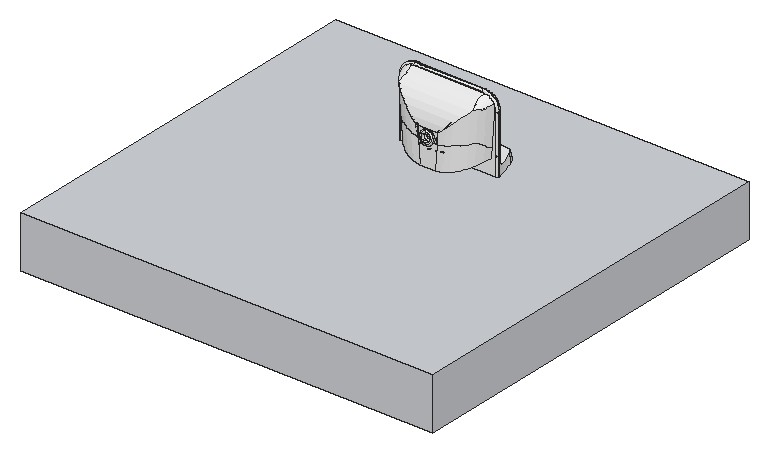
Revit family
Parameters
  Width = 585 mm  # constant formula
  Waste Connection Radius = Waste Connection Diameter / 2  # 20 mm
  Waste Connection = 1 = 1  # yes
  Vent Connection = 1 = 0  # no
  URL = "www.vaalsan.co.za"
  Product Code = "703611"
  Omniclass Title = "Sinks/Lavatories"
  Omniclass Number = "23.45.05.14.14"
  Model = "Hygia Hospital Basin"
  Manufacturer = "Vaal Sanitaryware"  # constant formula
  Height Fixing To Finish Floor = 800 mm
  Depth = 435 mm  # constant formula
  Height = 380 mm  # constant formula
  HW Connection = 1 = 1  # yes
  Family created by = "www.rbuiltcomponents.com"
  Default Elevation = 0 mm
  Waste Connection Diameter = 40 mm  # constant formula
  CW Connection = 1 = 1  # yes
  Body Finish = Vitreous China-Vaal-White
  Assembly Code = "D2010310"
Reference planes
  plane 1 "Bottom": y = 360
  plane 2 "Wall": z = 0
  plane 3 "Center (Left/Right)": x = 0
  plane 4: z = 0
  plane 5 "Fixing": y = 680
  plane 6 "45 2": through (-1219.2, -1219.2, 0) normal (-0.5, -0.5, 0.7071)
  plane 7: x = -292.5
  plane 8: x = 292.5
  plane 9 "Front": z = 435
  plane 10 "FF": y = -120
  plane 11 "Rim": y = 550
  plane 12 "Top": y = 740
Forms (mm)
  Extrusion 1, solid
    sketch origin (0, 0, 0) x (1, 0, 0) y (0, 1, 0)
      loop
        line (-1219.2, 1219.2) -> (-1219.2, -1111.146) -> (1219.2, -1111.146) -> (1219.2, 1219.2) -> (-1219.2, 1219.2)
    from 0 to -304.8
Lines and regions (mm)
  symbolic lines, style "Basin"
    curve 1: line (-292.5, -120, 0) -> (292.5, -120, 0)
Dimensions and locks
  equal spacing: plane 7, plane 3 "Center (Left/Right)", plane 8
  locked: plane 7 to plane 8 at 585
  locked: plane 9 "Front" to plane 4 at 435
  "Height Fixing To Finish Floor": plane 10 "FF" to plane 5 "Fixing"
  locked: plane 11 "Rim" to plane 12 "Top" at 190
  locked: plane 5 "Fixing" to plane 12 "Top" at 60
  locked: plane 1 "Bottom" to plane 11 "Rim" at 190
  aligned and locked: plane 2 "Wall" to Extrusion 1
  aligned and locked: level to Extrusion 1
  aligned and locked: plane 3 "Center (Left/Right)" to nested 1
  aligned and locked: plane 4 to nested 1
  aligned and locked: plane 7 to curve 1
  aligned and locked: plane 8 to curve 1
  aligned and locked: plane 10 "FF" to curve 1
  aligned and locked: plane 12 "Top" to nested 1
Automatic sketch dimensions
  Extrusion 1 sketch curve to Extrusion 1 sketch curve = 2438.4 mm
  Extrusion 1 sketch curve to Extrusion 1 sketch curve = 2330.346 mm
Nested families
  nested 1: "Vaal-Hygia" at (0, -138, 37) x (-1, 0, 0) z (0, 1, 0), type "Vaal-Hygia"
Connectors
  piping at (0, 360, 180), driven by "Waste Connection Radius"
    settings: on nested 1, index 1
Definition of nested family "Vaal-Hygia"
  Parameters
    Width = 585 mm  # constant formula
    Waste Connection Radius = Waste Connection Diameter / 2  # 20 mm
    Waste Connection = 1 = 1  # yes
    Vent Connection = 1 = 0  # no
    URL = "www.vaalsan.co.za"
    Product Code = "703611"
    Omniclass Title = "Sinks/Lavatories"
    Omniclass Number = "23.45.05.14.14"
    Model = "Hygia Hospital Basin"
    Manufacturer = "Vaal Sanitaryware"  # constant formula
    Depth = 435 mm  # constant formula
    Height = 380 mm  # constant formula
    HW Connection = 1 = 1  # yes
    Family created by = "www.rbuiltcomponents.com"
    Waste Connection Diameter = 40 mm  # constant formula
    Default Elevation = 0 mm
    CW Connection = 1 = 1  # yes
    Body Finish = Vitreous China-Vaal-White
    Assembly Code = "D2010310"
  Reference planes
    plane 1 "Bottom": z = 0
    plane 2 "Center (Left/Right)": x = 0
    plane 3 "Back": y = 37
    plane 4 "Top Basin": z = 688
    plane 5 "Front": y = -398
    plane 6: x = -292.5
    plane 7: x = 292.5
    plane 8 "Top": z = 878
    plane 9: z = 498
    plane 10: y = -143
  Forms (mm)
    Revolve 1, void
      sketch origin (0, 72, 489.546) x (0, 1, 0) y (0, 0, 1)
        loop
          line (-215, -6.546) -> (-215, 47.158) -> (-249.204, 47.158) -> (-239.635, 40.458) -> (-239.635, -6.546) -> (-215, -6.546)
        axis (-215, 47.158) -> (-215, -6.546)
      angle from 0 to 360
    Revolve 2, solid, material "Chrome"
      sketch origin (0, 20, 506.801) x (0, 1, 0) y (0, 0, 1)
        loop
          line (-163, 25.055) -> (-163, 27.011) -> (-183, 27.011)
          arc (-183, 27.011) -> (-183.693, 26.538) -> (-183.504, 25.721) r 0.744
          line (-183.504, 25.721) -> (-193.254, 28.889)
          arc (-193.254, 28.889) -> (-193.909, 28.555) -> (-193.575, 27.9) r 0.52
          line (-193.575, 27.9) -> (-184.82, 25.055) -> (-163, 25.055)
        axis (-163, 25.055) -> (-163, 28.889)
      angle from 0 to 360
    Sweep 3, solid, material "Vitreous China-Vaal-White" <- "Body Finish"
      path origin (0, 0, 688) x (0, -1, 0) y (1, 0, 0)
        loop
          line (357.889, -292.5) -> (357.889, 292.5)
      profile origin (0, -357.889, 688) x (0, 1, 0) y (0, 0, 1)
        loop
          line (0, 0) -> (-100, 0) -> (-100, -22.5) -> (-25, -22.5)
          arc (-25, -22.5) -> (48.149, -132.402) -> (173.107, -175) r 205.204
          line (173.107, -175) -> (173.107, -155)
          arc (173.107, -155) -> (57.076, -110.422) -> (0, 0) r 174.818
    Extrusion 4, void
      sketch origin (0, 0, 650) x (0, -1, 0) y (1, 0, 0)
        loop
          line (-37, -392.5) -> (-37, 392.5) -> (-106.317, 392.5) -> (-106.317, -392.5) -> (-37, -392.5)
      from -159.648 to 55.853
    Revolve 5, solid, material "Vitreous China-Vaal-White" <- "Body Finish"
      sketch origin (0, 0, 0) x (0, 1, 0) y (0, 0, 1)
        loop
          line (-167.635, 513) -> (-182.635, 513) -> (-182.635, 503)
          arc (-182.635, 503) -> (-181.171, 499.464) -> (-177.635, 498) r 5
          line (-177.635, 498) -> (-167.635, 498) -> (-167.635, 513)
        axis (-143, 513) -> (-143, 498)
      angle from 0 to 360
    Sweep 6, solid, material "Vitreous China-Vaal-White" <- "Body Finish"
      path origin (0, 0, 688) x (0, -1, 0) y (1, 0, 0)
        loop
          line (-60.879, -217.877) -> (398, -249.965)
      profile origin (-233.921, -168.56, 688) x (0.997564, -0.069756, 0) y (0, 0, 1)
        loop
          line (0, 0) -> (-100, 0) -> (-100, -22.5) -> (-25, -22.5)
          arc (-25, -22.5) -> (48.149, -132.402) -> (173.107, -175) r 205.204
          line (173.107, -175) -> (173.107, -155)
          arc (173.107, -155) -> (57.076, -110.422) -> (0, 0) r 174.818
    Sweep 7, void
      path origin (0, 0, 688) x (0, -1, 0) y (1, 0, 0)
        loop
          line (-137.111, -247.16) -> (457.889, -247.16)
      profile origin (-247.16, -160.389, 688) x (1, 0, 0) y (0, 0, 1)
        loop
          line (-11.25, -22.5) -> (-121.893, -22.5) -> (-121.893, -205) -> (616.214, -205) -> (616.214, -22.5) -> (505.57, -22.5)
          arc (505.57, -22.5) -> (399.458, -139.113) -> (247.16, -179.905) r 280
          arc (247.16, -179.905) -> (94.863, -139.113) -> (-11.25, -22.5) r 280
    Sweep 8, void
      path origin (0, 0, 688) x (0, -1, 0) y (1, 0, 0)
        loop
          line (357.889, -292.5) -> (357.889, 292.5)
      profile origin (0, -357.889, 688) x (0, 1, 0) y (0, 0, 1)
        loop
          line (-25, -22.5) -> (-100, -22.5) -> (-100, -205) -> (173.107, -205) -> (173.107, -175)
          arc (173.107, -175) -> (48.887, -131.442) -> (-25, -22.5) r 210
    Sweep 9, solid, material "Vitreous China-Vaal-White" <- "Body Finish"
      path origin (0, 0, 688) x (0, -1, 0) y (-1, 0, 0)
        loop
          line (-50.904, -218.575) -> (398, -249.965)
      profile origin (234.27, -173.548, 688) x (0.997564, 0.069756, 0) y (0, 0, 1)
        loop
          arc (0, 0) -> (-57.076, -110.422) -> (-173.107, -155) r 174.818
          line (-173.107, -155) -> (-173.107, -175)
          arc (-173.107, -175) -> (-48.149, -132.402) -> (25, -22.5) r 205.204
          line (25, -22.5) -> (100, -22.5) -> (100, 0) -> (0, 0)
    Blend 10, solid, material "Vitreous China-Vaal-White" <- "Body Finish"
      base sketch origin (0, 0, 2.5) x (1, 0, 0) y (0, 0, 1)
        loop
          arc (-41.526, 533) -> (-92.364, 537.826) -> (-141.386, 552.132) r 270.183
          arc (-141.386, 552.132) -> (-95.525, 521.686) -> (-41.526, 511) r 141.787
          line (-41.526, 511) -> (41.526, 511)
          arc (41.526, 511) -> (95.525, 521.686) -> (141.386, 552.132) r 141.787
          arc (141.386, 552.132) -> (92.364, 537.826) -> (41.526, 533) r 270.183
          line (41.526, 533) -> (-41.526, 533)
      top sketch origin (0, 0, 2.5) x (1, 0, 0) y (0, 0, 1)
        loop
          arc (-61.526, 533) -> (-112.364, 537.826) -> (-161.386, 552.132) r 270.183
          arc (-161.386, 552.132) -> (-115.525, 521.686) -> (-61.526, 511) r 141.787
          line (-61.526, 511) -> (61.526, 511)
          arc (61.526, 511) -> (115.525, 521.686) -> (161.386, 552.132) r 141.787
          arc (161.386, 552.132) -> (112.364, 537.826) -> (61.526, 533) r 270.183
          line (61.526, 533) -> (-61.526, 533)
      from -37 to 255
    Sweep 11, void
      path origin (0, 0, 688) x (0, -1, 0) y (1, 0, 0)
        loop
          line (357.889, -200) -> (357.889, 200)
      profile origin (0, -357.889, 688) x (0, 1, 0) y (0, 0, 1)
        loop
          line (87.465, -152.5) -> (68.107, -152.5) -> (68.107, -190) -> (173.107, -190) -> (173.107, -172.5)
          arc (173.107, -172.5) -> (129.227, -167.033) -> (87.465, -152.5) r 210
    Sweep 12, void
      path origin (0, 0, 688) x (0, -1, 0) y (1, 0, 0)
        loop
          line (-84.974, -292.5) -> (305.026, -292.5)
          arc (305.026, -292.5) -> (368.665, -266.14) -> (395.026, -202.5) r 90
          line (395.026, -202.5) -> (395.026, 202.5)
          arc (395.026, 202.5) -> (368.665, 266.14) -> (305.026, 292.5) r 90
          line (305.026, 292.5) -> (-84.974, 292.5)
      profile origin (0, -395.026, 688) x (0, 1, 0) y (0, 0, 1)
        loop
          line (10, 0) -> (-100, 0) -> (-100, -190) -> (85, -190) -> (85, -141.176)
          arc (85, -141.176) -> (41.265, -85.778) -> (10, -22.5) r 337.731
          arc (10, -22.5) -> (2.929, -19.571) -> (0, -12.5) r 10
          line (0, -12.5) -> (0, -10)
          arc (0, -10) -> (2.929, -2.929) -> (10, 0) r 10
    Extrusion 13, solid, material "Vitreous China-Vaal-White" <- "Body Finish"
      sketch origin (0, 0, 688) x (0, -1, 0) y (1, 0, 0)
        loop
          line (357.889, 247.16) -> (293.703, 242.672)
          arc (293.703, 242.672) -> (338.808, 226.699) -> (357.889, 182.818) r 60
          line (357.889, 182.818) -> (357.889, 247.16)
        loop
          line (357.889, -247.16) -> (357.889, -182.818)
          arc (357.889, -182.818) -> (338.808, -226.699) -> (293.703, -242.672) r 60
          line (293.703, -242.672) -> (357.889, -247.16)
      from -65.333 to 0
    Sweep 14, solid, material "Vitreous China-Vaal-White" <- "Body Finish"
      path origin (0, 0, 688) x (0, -1, 0) y (1, 0, 0)
        loop
          arc (143, -232.134) -> (65.3, 0) -> (143, 232.134) r 385.607
      profile origin (0, -65.3, 688) x (0, 1, 0) y (0, 0, 1)
        loop
          arc (0, 0) -> (-13.936, -91.319) -> (-53.065, -175) r 324.16
          line (-53.065, -175) -> (87.3, -175) -> (87.3, 0) -> (0, 0)
    Sweep 15, solid, material "Vitreous China-Vaal-White" <- "Body Finish"
      path origin (0, 0, 688) x (0, -1, 0) y (1, 0, 0)
        loop
          line (-37, -292.5) -> (-37, 292.5)
      profile origin (0, 37, 688) x (0, 1, 0) y (0, 0, 1)
        loop
          line (0, 190) -> (-40, 190) -> (-40, 30)
          arc (-40, 30) -> (-48.787, 8.787) -> (-70, 0) r 30
          line (-70, 0) -> (-75, 0) -> (-75, -22.5) -> (0, -22.5) -> (0, 190)
    Blend 16, void
      base sketch origin (0, 37, 0) x (1, 0, 0) y (0, 0, 1)
        loop
          line (-342.5, 678) -> (-292.5, 678) -> (-251.524, 813.992)
          arc (-251.524, 813.992) -> (-225.205, 853.137) -> (-181.405, 870.649) r 80
          arc (-181.405, 870.649) -> (0, 878.008) -> (181.405, 870.649) r 2239.713
          arc (181.405, 870.649) -> (225.205, 853.137) -> (251.524, 813.992) r 80
          line (251.524, 813.992) -> (292.5, 678) -> (342.5, 678) -> (342.5, 918) -> (-342.5, 918) -> (-342.5, 678)
      top sketch origin (0, 37, 0) x (1, 0, 0) y (0, 0, 1)
        loop
          line (-342.5, 678) -> (-292.5, 678) -> (-229.65, 815.799)
          arc (-229.65, 815.799) -> (-209.532, 840.011) -> (-179.924, 850.704) r 60
          arc (-179.924, 850.704) -> (0, 858.008) -> (179.924, 850.704) r 2219.713
          arc (179.924, 850.704) -> (209.532, 840.011) -> (229.65, 815.799) r 60
          line (229.65, 815.799) -> (292.5, 678) -> (342.5, 678) -> (342.5, 918) -> (-342.5, 918) -> (-342.5, 678)
      from 0 to 75
    Extrusion 17, void
      sketch origin (0, 37, 0) x (1, 0, 0) y (0, 0, 1)
        loop
          spline (223.29, 594.492) -> (213.046, 582.212) -> (201.894, 570.759) -> (189.903, 560.195) -> (177.146, 550.58) -> (163.695, 541.973) -> (149.632, 534.418) -> (135.044, 527.955) -> (120.015, 522.62) -> (104.631, 518.439) -> (88.982, 515.433) -> (73.151, 513.617) -> (57.228, 513)
          line (57.228, 513) -> (-57.228, 513)
          spline (-57.228, 513) -> (-73.151, 513.617) -> (-88.982, 515.433) -> (-104.631, 518.439) -> (-120.015, 522.62) -> (-135.044, 527.955) -> (-149.632, 534.418) -> (-163.695, 541.973) -> (-177.146, 550.58) -> (-189.903, 560.195) -> (-201.894, 570.759) -> (-213.046, 582.212) -> (-223.29, 594.492)
          spline (-223.29, 594.492) -> (-226.673, 599.374) -> (-229.937, 604.473) -> (-233.079, 609.78) -> (-236.092, 615.289) -> (-238.974, 620.989) -> (-241.718, 626.873) -> (-244.322, 632.931) -> (-246.781, 639.154) -> (-249.09, 645.532) -> (-251.248, 652.056) -> (-253.249, 658.715) -> (-255.092, 665.5)
          line (-255.092, 665.5) -> (-282.5, 665.5)
          arc (-282.5, 665.5) -> (-289.571, 668.429) -> (-292.5, 675.5) r 10
          line (-292.5, 675.5) -> (-292.5, 678)
          arc (-292.5, 678) -> (-292.075, 680.885) -> (-290.835, 683.525) r 10
          line (-290.835, 683.525) -> (-350.835, 683.525) -> (-350.835, 498) -> (350.835, 498) -> (350.835, 683.525) -> (290.835, 683.525)
          arc (290.835, 683.525) -> (292.075, 680.885) -> (292.5, 678) r 10
          line (292.5, 678) -> (292.5, 675.5)
          arc (292.5, 675.5) -> (289.571, 668.429) -> (282.5, 665.5) r 10
          line (282.5, 665.5) -> (255.092, 665.5)
          spline (255.092, 665.5) -> (253.249, 658.715) -> (251.248, 652.056) -> (249.09, 645.532) -> (246.781, 639.154) -> (244.322, 632.931) -> (241.718, 626.873) -> (238.974, 620.989) -> (236.092, 615.289) -> (233.079, 609.78) -> (229.937, 604.473) -> (226.673, 599.374) -> (223.29, 594.492)
      from 139.334 to -50.271
    Sweep 18, void
      path origin (0, 0, 688) x (0, -1, 0) y (1, 0, 0)
        loop
          line (208.91, -236.743) -> (-60.432, -217.908)
      profile origin (-227.326, -74.239, 688) x (-0.997564, 0.069756, 0) y (0, 0, 1)
        loop
          arc (25, -22.5) -> (-48.149, -132.402) -> (-173.107, -175) r 205.204
          line (-173.107, -175) -> (-173.107, -227.389) -> (100, -227.389) -> (100, -22.5) -> (25, -22.5)
    Sweep 19, void
      path origin (0, 0, 688) x (0, -1, 0) y (-1, 0, 0)
        loop
          line (208.91, -236.743) -> (-60.432, -217.908)
      profile origin (227.326, -74.239, 688) x (-0.997564, -0.069756, 0) y (0, 0, 1)
        loop
          line (-25, -22.5) -> (-100, -22.5) -> (-100, -227.389) -> (173.107, -227.389) -> (173.107, -175)
          arc (173.107, -175) -> (48.149, -132.402) -> (-25, -22.5) r 205.204
    Sweep 20, void
      path origin (4.375, -131.221, 679.184) x (0, 0.99863, 0.052336) y (1, 0, 0)
        loop
          line (-16.638, -227.495) -> (103.069, -219.113)
      profile origin (-218.929, -88.065, 681.446) x (0.997557, -0.069756, -0.003656) y (0, 0.052336, -0.99863)
        loop
          circle (0, -10) r 8
    Sweep 21, void
      path origin (-4.375, -131.221, 679.184) x (0, 0.99863, 0.052336) y (1, 0, 0)
        loop
          line (-16.638, 227.495) -> (103.069, 219.113)
      profile origin (218.929, -88.065, 681.446) x (0.997557, 0.069756, 0.003656) y (0, 0.052336, -0.99863)
        loop
          circle (0, -10) r 8
    Sweep 22, void
      path origin (0, 0, 688) x (0, -1, 0) y (1, 0, 0)
        loop
          arc (141.898, -230.643) -> (65.299, 0.707) -> (141.898, 232.057) r 387.669
      profile origin (0.707, -65.299, 688) x (0, 1, 0) y (0, 0, 1)
        loop
          arc (30.173, -22.5) -> (10.64, -118.256) -> (-35.038, -204.651) r 343.915
          line (-35.038, -204.651) -> (175.518, -204.651) -> (175.518, -22.5) -> (30.173, -22.5)
    Extrusion 23, void
      sketch origin (0, 37, 0) x (1, 0, 0) y (0, 0, 1)
        loop
          circle (-89, 793) r 20
        loop
          circle (89, 793) r 20
      from 0 to 50
    Extrusion 24, solid, material "Chrome"
      sketch origin (0, 37, 0) x (1, 0, 0) y (0, 0, 1)
        loop
          circle (-162.5, 818) r 6
        loop
          circle (162.5, 818) r 6
      from 41 to 47
  Cuts and joins
    Sweep 8 cuts Revolve 5
    Revolve 1, Extrusion 4, Sweep 7, Sweep 8, Sweep 12, Blend 16, Sweep 18, Sweep 19, Sweep 21 cuts Sweep 3
    Extrusion 4, Sweep 8, Sweep 12, Blend 16, Sweep 18, Sweep 19, Sweep 20, Sweep 21, Sweep 22 cuts Sweep 6
    Extrusion 4, Sweep 8, Sweep 12, Blend 16, Sweep 18, Sweep 19, Sweep 21, Sweep 22 cuts Sweep 9
    Sweep 12, Blend 16, Sweep 18, Sweep 19, Sweep 21 cuts Extrusion 13
    Extrusion 4, Blend 16, Sweep 18, Sweep 19, Sweep 20, Sweep 21 cuts Sweep 14
    Blend 16, Extrusion 17, Sweep 18, Sweep 19, Sweep 21, Extrusion 23 cuts Sweep 15
    joined: Sweep 3, Sweep 6, Sweep 9, Extrusion 13, Sweep 14, Sweep 15
    Revolve 1, Extrusion 4, Sweep 8, Sweep 11, Sweep 18, Sweep 19, Sweep 22 cuts Blend 10
    Sweep 22 cuts Revolve 2
  Lines and regions (mm)
    Masking region 1
      outline origin (0, 0, 0) x (1, 0, 0) y (0, 1, 0)
        loop
          arc (-286.181, 37) -> (-293.252, 34.071) -> (-296.181, 27) r 10
          line (-296.181, 27) -> (-296.181, -288)
          arc (-296.181, -288) -> (-263.963, -365.782) -> (-186.181, -398) r 110
          line (-186.181, -398) -> (182.5, -398)
          arc (182.5, -398) -> (260.282, -365.782) -> (292.5, -288) r 110
          line (292.5, -288) -> (292.5, 27)
          arc (292.5, 27) -> (289.571, 34.071) -> (282.5, 37) r 10
          line (282.5, 37) -> (-286.181, 37)
    Masking region 2
      outline origin (0, 37, 0) x (1, 0, 0) y (0, 0, 1)
        loop
          arc (35.003, 498.012) -> (38.534, 499.475) -> (39.996, 503.006) r 4.994
          line (39.996, 503.006) -> (39.996, 508)
          arc (39.996, 508) -> (41.461, 511.537) -> (44.998, 513.002) r 5.002
          arc (44.998, 513.002) -> (72.874, 513.838) -> (100.649, 516.344) r 465.02
          spline (100.649, 516.344) -> (111.104, 518.37) -> (121.502, 520.882) -> (131.821, 523.885) -> (142.055, 527.386) -> (152.186, 531.396) -> (162.198, 535.925) -> (172.072, 540.983) -> (181.787, 546.586) -> (191.319, 552.749) -> (200.644, 559.488) -> (209.724, 566.814) -> (218.52, 574.739)
          spline (218.52, 574.739) -> (224.606, 581.11) -> (230.437, 587.774) -> (235.999, 594.729) -> (241.263, 601.933) -> (246.205, 609.344) -> (250.822, 616.949) -> (255.106, 624.726) -> (259.053, 632.654) -> (262.655, 640.713) -> (265.91, 648.885) -> (268.816, 657.153) -> (271.371, 665.5)
          line (271.371, 665.5) -> (284.688, 665.5)
          arc (284.688, 665.5) -> (290.212, 667.788) -> (292.5, 673.312) r 7.812
          line (292.5, 673.312) -> (292.5, 678)
          arc (292.5, 678) -> (292.075, 680.885) -> (290.835, 683.525) r 10
          line (290.835, 683.525) -> (251.524, 813.992)
          arc (251.524, 813.992) -> (225.205, 853.137) -> (181.405, 870.649) r 80
          arc (181.405, 870.649) -> (0, 878.008) -> (-181.405, 870.649) r 2239.713
          arc (-181.405, 870.649) -> (-225.205, 853.137) -> (-251.524, 813.992) r 80
          line (-251.524, 813.992) -> (-290.835, 683.525)
          arc (-290.835, 683.525) -> (-292.075, 680.885) -> (-292.5, 678) r 10
          line (-292.5, 678) -> (-292.5, 673.312)
          arc (-292.5, 673.312) -> (-290.212, 667.788) -> (-284.688, 665.5) r 7.812
          line (-284.688, 665.5) -> (-271.371, 665.5)
          spline (-271.371, 665.5) -> (-268.816, 657.153) -> (-265.91, 648.885) -> (-262.655, 640.713) -> (-259.053, 632.654) -> (-255.106, 624.726) -> (-250.822, 616.949) -> (-246.205, 609.344) -> (-241.263, 601.933) -> (-235.999, 594.729) -> (-230.437, 587.774) -> (-224.606, 581.11) -> (-218.52, 574.739)
          spline (-218.52, 574.739) -> (-209.724, 566.814) -> (-200.644, 559.488) -> (-191.319, 552.749) -> (-181.787, 546.586) -> (-172.072, 540.983) -> (-162.198, 535.925) -> (-152.186, 531.396) -> (-142.055, 527.386) -> (-131.821, 523.885) -> (-121.502, 520.882) -> (-111.104, 518.37) -> (-100.649, 516.344)
          spline (-100.649, 516.344) -> (-96.175, 515.726) -> (-91.694, 515.168) -> (-87.204, 514.671) -> (-82.707, 514.234) -> (-78.243, 513.861) -> (-73.8, 513.55) -> (-69.3, 513.294) -> (-64.665, 513.093) -> (-59.883, 512.952) -> (-54.994, 512.879) -> (-49.999, 512.881) -> (-44.898, 512.961)
          arc (-44.898, 512.961) -> (-41.401, 511.512) -> (-39.952, 508.015) r 4.946
          line (-39.952, 508.015) -> (-39.952, 502.988)
          arc (-39.952, 502.988) -> (-38.495, 499.47) -> (-34.976, 498.012) r 4.976
          line (-34.976, 498.012) -> (35.003, 498.012)
    Masking region 3
      outline origin (0, 0, 0) x (0, 1, 0) y (0, 0, 1)
        loop
          arc (37.46, 873.008) -> (35.996, 876.543) -> (32.46, 878.008) r 5
          line (32.46, 878.008) -> (23.82, 878.008)
          arc (23.82, 878.008) -> (22.11, 877.706) -> (20.606, 876.838) r 5
          line (20.606, 876.838) -> (-1.214, 858.529)
          arc (-1.214, 858.529) -> (-2.532, 856.812) -> (-3, 854.699) r 5
          line (-3, 854.699) -> (-3, 718)
          arc (-3, 718) -> (-11.787, 696.787) -> (-33, 688) r 30
          line (-33, 688) -> (-393, 688)
          arc (-393, 688) -> (-396.536, 686.536) -> (-398, 683) r 5
          line (-398, 683) -> (-398, 670.5)
          arc (-398, 670.5) -> (-396.536, 666.964) -> (-393, 665.5) r 5
          line (-393, 665.5) -> (-382.889, 665.5)
          arc (-382.889, 665.5) -> (-309.436, 556.894) -> (-185.881, 513.023) r 210
          arc (-185.881, 513.023) -> (-183.781, 511.178) -> (-183, 508.494) r 5
          line (-183, 508.494) -> (-183, 503)
          arc (-183, 503) -> (-181.536, 499.464) -> (-178, 498) r 5
          line (-178, 498) -> (-108, 498)
          arc (-108, 498) -> (-104.464, 499.464) -> (-103, 503) r 5
          line (-103, 503) -> (-103, 508.494)
          arc (-103, 508.494) -> (-101.536, 512.03) -> (-98, 513.494) r 5
          line (-98, 513.494) -> (-86.388, 513.494)
          arc (-86.388, 513.494) -> (-81.422, 514.815) -> (-77.767, 518.427) r 10
          arc (-77.767, 518.427) -> (-73.223, 526.448) -> (-68.938, 534.611) r 288.392
          arc (-68.938, 534.611) -> (-64.645, 538.966) -> (-58.619, 540.007) r 10
          line (-58.619, 540.007) -> (31.765, 527.304)
          arc (31.765, 527.304) -> (35.741, 528.482) -> (37.46, 532.256) r 5
          line (37.46, 532.256) -> (37.46, 873.008)
    symbolic lines, detail levels fine
      curve 1: circle (0, -143, 0) r 20 normal (0, 0, 1)
      curve 2: circle (0, -143, 0) r 37.5 normal (0, 0, 1)
    symbolic lines, style "Basin"
      curve 3: line (0, -187.902, 513.081) -> (0, -97.902, 513.081)
      curve 5: line (266.115, -3, 0) -> (-266.115, -3, 0)
      curve 6: line (-287.939, 0, 688) -> (288.041, 0, 688)
      curve 7: line (-44.898, 0, 512.961) -> (45.102, 0, 512.961)
      curve 8: line (182.818, -357.889, 0) -> (-182.818, -357.889, 0)
      curve 9: arc (-182.818, -357.889, 0) -> (-226.699, -338.808, 0) -> (-242.672, -293.703, 0) r 60
      curve 10: arc (242.672, -293.703, 0) -> (226.699, -338.808, 0) -> (182.818, -357.889, 0) r 60
      curve 11: line (-242.672, -293.703, 0) -> (-224.562, -34.718, 0)
      curve 12: line (242.672, -293.703, 0) -> (224.562, -34.718, 0)
      curve 13: arc (-266.115, -3, 0) -> (-279.225, -8.431, 0) -> (-284.656, -21.541, 0) r 18.541
      curve 14: arc (266.115, -3, 0) -> (279.225, -8.431, 0) -> (284.656, -21.541, 0) r 18.541
      curve 15: arc (-232.134, -143, 0) -> (0, -65.3, 0) -> (232.134, -143, 0) r 385.607
      curve 16: arc (-210.168, -38, 0) -> (-211.486, -84.07, 0) -> (-213.941, -130.092, 0) r 1865.008
      curve 17: arc (213.947, -130.096, 0) -> (211.367, -81.362, 0) -> (210.13, -32.576, 0) r 1770.214
      curve 18: arc (-224.562, -34.718, 0) -> (-215.449, -27.956, 0) -> (-210.168, -38, 0) r 7.47
      curve 19: arc (224.562, -34.718, 0) -> (215.404, -27.966, 0) -> (210.203, -38.085, 0) r 7.47
      curve 20: line (-271.371, 37, 665.5) -> (271.362, 37, 665.5)
      curve 29: line (0, -382.889, 665.5) -> (0, 37.111, 665.5)
    reference lines
      curve 4: line (0, -67.856, 682.505) -> (0, 37, 688)
    symbolic lines, style "Basin", detail levels fine
      curve 21: arc (-109, 37, 793) -> (-89, 37, 773) -> (-69, 37, 793) r 20
      curve 22: arc (-69, 37, 793) -> (-89, 37, 813) -> (-109, 37, 793) r 20
      curve 23: arc (69, 37, 793) -> (89, 37, 773) -> (109, 37, 793) r 20
      curve 24: arc (109, 37, 793) -> (89, 37, 813) -> (69, 37, 793) r 20
      curve 25: arc (156.5, 37, 818) -> (162.5, 37, 812) -> (168.5, 37, 818) r 6
      curve 26: arc (168.5, 37, 818) -> (162.5, 37, 824) -> (156.5, 37, 818) r 6
      curve 27: arc (-168.5, 37, 818) -> (-162.5, 37, 812) -> (-156.5, 37, 818) r 6
      curve 28: arc (-156.5, 37, 818) -> (-162.5, 37, 824) -> (-168.5, 37, 818) r 6
      curve 30: arc (0, -68.938, 534.611) -> (0, -45.646, 598.316) -> (0, -36.304, 665.5) r 320.008
    symbolic lines, style "Fixing"
      curve 31: line (0, 85.863, 818) -> (0, -19.137, 818)
  Dimensions and locks
    plane 3 "Back" to Revolve 1 sketch curve = 180 mm
    plane 3 "Back" to Revolve 2 sketch curve = 180 mm
    locked: plane 5 "Front" to plane 3 "Back" at 435
    equal spacing: plane 6, plane 2 "Center (Left/Right)", plane 7
    locked: plane 6 to plane 7 at 585
    plane 8 "Top" to plane 4 "Top Basin" to plane 9 = 190 mm locked, 190 mm locked
    locked: plane 10 to plane 3 "Back" at 180
    plane 2 "Center (Left/Right)" to Extrusion 23 sketch curve = 89 mm
    Extrusion 23 sketch curve to plane 4 "Top Basin" = 105 mm  (x2)
    Extrusion 23 sketch curve to plane 2 "Center (Left/Right)" = 89 mm
    Extrusion 24 sketch curve to plane 4 "Top Basin" = 130 mm  (x2)
    plane 2 "Center (Left/Right)" to Extrusion 24 sketch curve = 162.5 mm  (x2)
    locked: plane 8 "Top" to curve 31 at 60
    aligned and locked: plane 3 "Back" to Masking region 1 sketch curve
    aligned and locked: cut or joined group of Revolve 1, Extrusion 4, Sweep 8, Blend 10, Sweep 11, Sweep 18, Sweep 19, Sweep 22 to plane 3 "Back"
    aligned and locked: plane 4 "Top Basin" to Extrusion 13
    aligned and locked: plane 7 to Masking region 1 sketch curve
    aligned and locked: curve 6 to plane 4 "Top Basin"
    aligned and locked: curve 21 to cut or joined group 1 (Revolve 1, Sweep 3, Extrusion 4, Sweep 6, Sweep 7, Sweep 8, Sweep 9, Sweep 12, Extrusion 13, Sweep 14, Sweep 15, Blend 16, Extrusion 17, Sweep 18, Sweep 19, Sweep 20, Sweep 21, Sweep 22, Extrusion 23)
    aligned and locked: curve 23 to cut or joined group 1
    aligned and locked: curve 25 to Extrusion 24
    aligned and locked: curve 27 to Extrusion 24
  Automatic sketch dimensions
    Sweep 3 sketch curve to plane 7 = 0 mm
    Sweep 3 sketch curve to plane 6 = 0 mm
    Sweep 3 sketch curve to plane 5 "Front" = 40.111 mm
    curve 4 to plane 3 "Back" = 0 mm
    curve 4 to plane 4 "Top Basin" = 0 mm
    curve 4 to plane 4 "Top Basin" = 5.495 mm
    Revolve 5 sketch curve to plane 9 = 0 mm  (x2)
    Revolve 5 sketch curve to plane 10 = 0 mm
    plane 10 to Revolve 5 sketch curve = 24.635 mm
    Revolve 5 sketch curve to Revolve 5 sketch curve = 10 mm  (x2)
    Revolve 5 sketch curve to Revolve 5 sketch curve = 5 mm
    Revolve 5 sketch curve to Revolve 5 sketch curve = 40 mm
    Sweep 8 sketch curve to plane 7 = 0 mm
    Sweep 8 sketch curve to plane 6 = 0 mm
    Sweep 8 sketch curve to plane 5 "Front" = 40.111 mm
    plane 9 to Blend 10 sketch curve = 56.632 mm  (x4)
    Blend 10 sketch curve to plane 2 "Center (Left/Right)" = 141.386 mm
    Blend 10 sketch curve to plane 2 "Center (Left/Right)" = 41.526 mm
    plane 9 to Blend 10 sketch curve = 15.5 mm  (x2)
    Blend 10 sketch curve to Blend 10 sketch curve = 0 mm  (x4)
    plane 2 "Center (Left/Right)" to Blend 10 sketch curve = 41.526 mm
    Blend 10 sketch curve to Blend 10 sketch curve = 99.86 mm  (x2)
    Blend 10 sketch curve to Blend 10 sketch curve = 22 mm  (x2)
    plane 6 to Blend 10 sketch curve = 131.114 mm
    Blend 10 sketch curve to plane 2 "Center (Left/Right)" = 61.526 mm
    plane 2 "Center (Left/Right)" to Blend 10 sketch curve = 61.526 mm
    Sweep 11 sketch curve to plane 5 "Front" = 40.111 mm
    plane 6 to Sweep 11 sketch curve = 92.5 mm
    Sweep 11 sketch curve to plane 7 = 92.5 mm
    Extrusion 13 sketch curve to plane 7 = 49.828 mm
    Extrusion 13 sketch curve to plane 5 "Front" = 104.297 mm  (x2)
    plane 6 to Extrusion 13 sketch curve = 49.828 mm  (x2)
    Extrusion 13 sketch curve to Extrusion 13 sketch curve = 0 mm  (x5)
    Extrusion 13 sketch curve to Extrusion 13 sketch curve = 4.185 mm  (x2)
    Extrusion 13 sketch curve to plane 5 "Front" = 40.111 mm  (x3)
    plane 6 to Extrusion 13 sketch curve = 45.34 mm
    Extrusion 13 sketch curve to Extrusion 13 sketch curve = 59.854 mm
    Extrusion 13 sketch curve to plane 7 = 45.34 mm
    Sweep 14 sketch curve to plane 10 = 0 mm  (x2)
    Sweep 14 sketch curve to plane 2 "Center (Left/Right)" = 0 mm
    plane 5 "Front" to Sweep 14 sketch curve = 52.907 mm
    plane 6 to Sweep 14 sketch curve = 60.366 mm
    Sweep 20 sketch curve to curve 4 = 80.09 mm
    curve 4 to Sweep 20 sketch curve = 39.617 mm
    Sweep 20 sketch curve to curve 4 = 223.12 mm
    Sweep 20 sketch curve to curve 4 = 214.738 mm
    Sweep 20 sketch curve to profile plane = 0 mm
    Sweep 20 sketch curve to profile plane = 10 mm
    Sweep 21 sketch curve to curve 4 = 80.09 mm
    curve 4 to Sweep 21 sketch curve = 39.617 mm
    curve 4 to Sweep 21 sketch curve = 214.738 mm
    curve 4 to Sweep 21 sketch curve = 223.12 mm
    Sweep 21 sketch curve to profile plane = 0 mm
    Sweep 21 sketch curve to profile plane = 10 mm
    Sweep 22 sketch curve to plane 10 = 1.102 mm  (x2)
    plane 2 "Center (Left/Right)" to Sweep 22 sketch curve = 0.707 mm
    plane 5 "Front" to Sweep 22 sketch curve = 54.968 mm
    plane 6 to Sweep 22 sketch curve = 61.857 mm
    Masking region 1 sketch curve to plane 5 "Front" = 0 mm
    Masking region 1 sketch curve to plane 7 = 10 mm
    Masking region 1 sketch curve to plane 7 = 110 mm
    plane 6 to Masking region 1 sketch curve = 106.319 mm
    plane 6 to Masking region 1 sketch curve = 6.319 mm
    Masking region 1 sketch curve to plane 6 = 3.681 mm
    Revolve 1 sketch curve to plane 10 = 0 mm
    plane 10 to Revolve 1 sketch curve = 24.635 mm
    Revolve 1 sketch curve to Revolve 1 sketch curve = 9.569 mm
    Revolve 1 sketch curve to plane 9 = 15 mm
    Revolve 1 sketch curve to plane 9 = 3.454 mm
    plane 9 to Revolve 1 sketch curve = 32.004 mm
    Revolve 1 sketch curve to Revolve 1 sketch curve = 3.104 mm
    Revolve 1 sketch curve to Revolve 1 sketch curve = 6.7 mm
    Revolve 2 sketch curve to plane 10 = 0 mm
    plane 10 to Revolve 2 sketch curve = 20 mm
    Revolve 2 sketch curve to Revolve 2 sketch curve = 0.504 mm
    Revolve 2 sketch curve to Revolve 2 sketch curve = 1.315 mm
    Revolve 2 sketch curve to Revolve 2 sketch curve = 8.435 mm
    Revolve 2 sketch curve to Revolve 2 sketch curve = 0.161 mm  (x2)
    plane 9 to Revolve 2 sketch curve = 8.801 mm
    Revolve 2 sketch curve to Revolve 2 sketch curve = 25.055 mm
    Revolve 2 sketch curve to Revolve 2 sketch curve = 0.666 mm
    Revolve 2 sketch curve to Revolve 2 sketch curve = 0.547 mm
    Revolve 2 sketch curve to Revolve 2 sketch curve = 2.845 mm
    Revolve 2 sketch curve to Revolve 2 sketch curve = 0.494 mm
    Revolve 2 sketch curve to Revolve 2 sketch curve = 11.551 mm
    Sweep 3 sketch curve to plane 4 "Top Basin" = 0 mm
    Sweep 3 sketch curve to profile plane = 0 mm
    profile plane to Sweep 3 sketch curve = 25 mm
    Sweep 3 sketch curve to plane 4 "Top Basin" = 22.5 mm
    Sweep 3 sketch curve to Sweep 3 sketch curve = 75 mm
    Sweep 3 sketch curve to profile plane = 173.107 mm
    plane 4 "Top Basin" to Sweep 3 sketch curve = 30.204 mm
    Sweep 3 sketch curve to profile plane = 173.32 mm
    Sweep 3 sketch curve to Sweep 3 sketch curve = 0.371 mm
    Sweep 3 sketch curve to Sweep 3 sketch curve = 20 mm
    Extrusion 4 sketch curve to plane 3 "Back" = 0 mm
    Extrusion 4 sketch curve to plane 3 "Back" = 69.317 mm
    Extrusion 4 sketch curve to plane 6 = 100 mm
    plane 7 to Extrusion 4 sketch curve = 100 mm
    Sweep 6 sketch curve to plane 5 "Front" = 0 mm
    Sweep 6 sketch curve to plane 3 "Back" = 23.879 mm
    plane 6 to Sweep 6 sketch curve = 42.535 mm
    plane 6 to Sweep 6 sketch curve = 74.623 mm
    Sweep 6 sketch curve to plane 4 "Top Basin" = 0 mm
    Sweep 6 sketch curve to profile plane = 0 mm
    profile plane to Sweep 6 sketch curve = 25 mm
    Sweep 6 sketch curve to plane 4 "Top Basin" = 22.5 mm
    Sweep 6 sketch curve to Sweep 6 sketch curve = 75 mm
    Sweep 6 sketch curve to profile plane = 173.107 mm
    plane 4 "Top Basin" to Sweep 6 sketch curve = 30.204 mm
    Sweep 6 sketch curve to profile plane = 173.32 mm
    Sweep 6 sketch curve to Sweep 6 sketch curve = 0.371 mm
    Sweep 6 sketch curve to Sweep 6 sketch curve = 20 mm
    plane 6 to Sweep 7 sketch curve = 45.34 mm
    Sweep 7 sketch curve to plane 3 "Back" = 100.111 mm
    plane 5 "Front" to Sweep 7 sketch curve = 59.889 mm
    Sweep 7 sketch curve to plane 4 "Top Basin" = 22.5 mm  (x2)
    profile plane to Sweep 7 sketch curve = 121.893 mm
    profile plane to Sweep 7 sketch curve = 11.25 mm
    plane 4 "Top Basin" to Sweep 7 sketch curve = 100.016 mm
    Sweep 7 sketch curve to profile plane = 240.523 mm
    Sweep 7 sketch curve to plane 4 "Top Basin" = 179.905 mm
    Sweep 7 sketch curve to Sweep 7 sketch curve = 13.274 mm
    Sweep 7 sketch curve to Sweep 7 sketch curve = 251.773 mm
    Sweep 7 sketch curve to Sweep 7 sketch curve = 110.643 mm
    Sweep 7 sketch curve to Sweep 7 sketch curve = 182.5 mm
    Sweep 8 sketch curve to plane 4 "Top Basin" = 22.5 mm
    profile plane to Sweep 8 sketch curve = 100 mm
    profile plane to Sweep 8 sketch curve = 25 mm
    Sweep 8 sketch curve to profile plane = 173.107 mm
    plane 4 "Top Basin" to Sweep 8 sketch curve = 34.964 mm
    Sweep 8 sketch curve to profile plane = 176.985 mm
    Sweep 8 sketch curve to Sweep 8 sketch curve = 182.5 mm
    Sweep 9 sketch curve to plane 5 "Front" = 0 mm
    plane 3 "Back" to Sweep 9 sketch curve = 13.904 mm
    plane 7 to Sweep 9 sketch curve = 42.535 mm
    plane 7 to Sweep 9 sketch curve = 73.925 mm
    Sweep 9 sketch curve to plane 4 "Top Basin" = 0 mm
    Sweep 9 sketch curve to profile plane = 0 mm
    profile plane to Sweep 9 sketch curve = 173.107 mm
    plane 4 "Top Basin" to Sweep 9 sketch curve = 30.204 mm
    profile plane to Sweep 9 sketch curve = 173.32 mm
    Sweep 9 sketch curve to Sweep 9 sketch curve = 0.371 mm
    Sweep 9 sketch curve to profile plane = 25 mm
    Sweep 9 sketch curve to plane 4 "Top Basin" = 22.5 mm
    Sweep 9 sketch curve to Sweep 9 sketch curve = 75 mm
    Sweep 9 sketch curve to Sweep 9 sketch curve = 20 mm
    Sweep 11 sketch curve to profile plane = 68.107 mm
    Sweep 11 sketch curve to Sweep 11 sketch curve = 19.358 mm
    Sweep 11 sketch curve to Sweep 11 sketch curve = 85.642 mm
    plane 4 "Top Basin" to Sweep 11 sketch curve = 37.464 mm
    Sweep 11 sketch curve to profile plane = 176.985 mm
    Sweep 11 sketch curve to plane 4 "Top Basin" = 152.5 mm
    Sweep 11 sketch curve to Sweep 11 sketch curve = 37.5 mm
    Sweep 12 sketch curve to plane 7 = 0 mm
    Sweep 12 sketch curve to plane 6 = 0 mm
    Sweep 12 sketch curve to plane 3 "Back" = 47.974 mm  (x2)
    Sweep 12 sketch curve to plane 5 "Front" = 92.974 mm  (x2)
    Sweep 12 sketch curve to plane 5 "Front" = 2.974 mm
    Sweep 12 sketch curve to plane 4 "Top Basin" = 0 mm
    Sweep 12 sketch curve to profile plane = 0 mm
    profile plane to Sweep 12 sketch curve = 100 mm
    Sweep 12 sketch curve to Sweep 12 sketch curve = 10 mm
    Sweep 12 sketch curve to Sweep 12 sketch curve = 0 mm
    Sweep 12 sketch curve to profile plane = 85 mm
    plane 4 "Top Basin" to Sweep 12 sketch curve = 94.648 mm
    Sweep 12 sketch curve to profile plane = 326.762 mm
    Sweep 12 sketch curve to Sweep 12 sketch curve = 2.5 mm
    Sweep 12 sketch curve to Sweep 12 sketch curve = 48.824 mm
    Sweep 14 sketch curve to plane 4 "Top Basin" = 0 mm
    Sweep 14 sketch curve to profile plane = 0 mm
    profile plane to Sweep 14 sketch curve = 53.065 mm
    plane 4 "Top Basin" to Sweep 14 sketch curve = 2.745 mm
    profile plane to Sweep 14 sketch curve = 324.149 mm
    Sweep 14 sketch curve to profile plane = 87.3 mm
    Sweep 15 sketch curve to plane 3 "Back" = 0 mm
    Sweep 15 sketch curve to plane 6 = 0 mm
    Sweep 15 sketch curve to plane 7 = 0 mm
    Sweep 15 sketch curve to plane 4 "Top Basin" = 0 mm
    Sweep 15 sketch curve to profile plane = 0 mm
    profile plane to Sweep 15 sketch curve = 40 mm
    Sweep 15 sketch curve to Sweep 15 sketch curve = 30 mm
    Sweep 15 sketch curve to Sweep 15 sketch curve = 5 mm
    Sweep 15 sketch curve to Sweep 15 sketch curve = 22.5 mm
    Sweep 15 sketch curve to Sweep 15 sketch curve = 160 mm
    Blend 16 sketch curve to plane 6 = 0 mm  (x2)
    Blend 16 sketch curve to plane 2 "Center (Left/Right)" = 0 mm  (x2)
    Blend 16 sketch curve to plane 7 = 0 mm  (x2)
    Blend 16 sketch curve to plane 4 "Top Basin" = 10 mm  (x4)
    Blend 16 sketch curve to plane 6 = 50 mm  (x2)
    plane 6 to Blend 16 sketch curve = 40.976 mm
    Blend 16 sketch curve to plane 8 "Top" = 7.351 mm
    Blend 16 sketch curve to Blend 16 sketch curve = 70.119 mm
    Blend 16 sketch curve to Blend 16 sketch curve = 0 mm  (x4)
    Blend 16 sketch curve to Blend 16 sketch curve = 76.598 mm
    Blend 16 sketch curve to plane 7 = 117.574 mm
    Blend 16 sketch curve to Blend 16 sketch curve = 6.48 mm
    Blend 16 sketch curve to plane 7 = 40.976 mm
    plane 7 to Blend 16 sketch curve = 50 mm  (x2)
    Blend 16 sketch curve to level = 1361.706 mm
    plane 8 "Top" to Blend 16 sketch curve = 40 mm  (x2)
    plane 6 to Blend 16 sketch curve = 62.85 mm
    Blend 16 sketch curve to plane 8 "Top" = 27.296 mm
    Blend 16 sketch curve to Blend 16 sketch curve = 49.727 mm
    Blend 16 sketch curve to Blend 16 sketch curve = 4.863 mm  (x2)
    Blend 16 sketch curve to plane 7 = 117.44 mm
    Blend 16 sketch curve to plane 8 "Top" = 62.201 mm
    Blend 16 sketch curve to Blend 16 sketch curve = 54.59 mm
    Extrusion 17 sketch curve to plane 9 = 0 mm
    Extrusion 17 sketch curve to plane 6 = 0 mm
    Extrusion 17 sketch curve to plane 7 = 0 mm
    Extrusion 17 sketch curve to plane 4 "Top Basin" = 4.475 mm  (x2)
    Extrusion 17 sketch curve to plane 6 = 58.335 mm
    plane 6 to Extrusion 17 sketch curve = 1.665 mm
    plane 6 to Extrusion 17 sketch curve = 10 mm
    Extrusion 17 sketch curve to Extrusion 17 sketch curve = 0 mm  (x2)
    Extrusion 17 sketch curve to Extrusion 17 sketch curve = 27.408 mm
    plane 6 to Extrusion 17 sketch curve = 69.21 mm
    plane 9 to Extrusion 17 sketch curve = 52.389 mm  (x2)
    Extrusion 17 sketch curve to Extrusion 17 sketch curve = 73.213 mm
    plane 9 to Extrusion 17 sketch curve = 15 mm
    Extrusion 17 sketch curve to plane 2 "Center (Left/Right)" = 57.228 mm
    plane 2 "Center (Left/Right)" to Extrusion 17 sketch curve = 57.228 mm
    Extrusion 17 sketch curve to Extrusion 17 sketch curve = 92.849 mm
    Extrusion 17 sketch curve to plane 7 = 69.21 mm
    Extrusion 17 sketch curve to plane 4 "Top Basin" = 22.5 mm
    Extrusion 17 sketch curve to plane 7 = 37.408 mm
    Extrusion 17 sketch curve to plane 7 = 10 mm
    Extrusion 17 sketch curve to plane 7 = 1.665 mm
    plane 7 to Extrusion 17 sketch curve = 58.335 mm
    Extrusion 17 sketch curve to Extrusion 17 sketch curve = 44.103 mm
    Extrusion 17 sketch curve to Extrusion 17 sketch curve = 71.008 mm
    Extrusion 17 sketch curve to Extrusion 17 sketch curve = 12.5 mm
    Sweep 18 sketch curve to plane 3 "Back" = 23.432 mm
    plane 10 to Sweep 18 sketch curve = 65.91 mm
    plane 6 to Sweep 18 sketch curve = 55.757 mm
    plane 6 to Sweep 18 sketch curve = 74.592 mm
    plane 4 "Top Basin" to Sweep 18 sketch curve = 30.204 mm
    profile plane to Sweep 18 sketch curve = 173.32 mm
    profile plane to Sweep 18 sketch curve = 173.107 mm
    Sweep 18 sketch curve to profile plane = 25 mm
    Sweep 18 sketch curve to plane 4 "Top Basin" = 22.5 mm
    Sweep 18 sketch curve to Sweep 18 sketch curve = 75 mm
    Sweep 18 sketch curve to Sweep 18 sketch curve = 204.889 mm
    plane 3 "Back" to Sweep 19 sketch curve = 23.432 mm
    Sweep 19 sketch curve to plane 10 = 65.91 mm
    plane 7 to Sweep 19 sketch curve = 55.757 mm
    plane 7 to Sweep 19 sketch curve = 74.592 mm
    Sweep 19 sketch curve to plane 4 "Top Basin" = 22.5 mm
    profile plane to Sweep 19 sketch curve = 100 mm
    profile plane to Sweep 19 sketch curve = 25 mm
    Sweep 19 sketch curve to profile plane = 173.107 mm
    plane 4 "Top Basin" to Sweep 19 sketch curve = 30.204 mm
    Sweep 19 sketch curve to profile plane = 173.32 mm
    Sweep 19 sketch curve to Sweep 19 sketch curve = 204.889 mm
    Sweep 22 sketch curve to plane 4 "Top Basin" = 2.336 mm
    profile plane to Sweep 22 sketch curve = 313.15 mm
    profile plane to Sweep 22 sketch curve = 35.038 mm
    Sweep 22 sketch curve to profile plane = 30.173 mm
    Sweep 22 sketch curve to profile plane = 175.518 mm
    Sweep 22 sketch curve to plane 4 "Top Basin" = 22.5 mm
    curve 1 to curve 2 = 0 mm  (x2)
    curve 15 to plane 10 = 0 mm  (x2)
    curve 2 to plane 2 "Center (Left/Right)" = 0 mm
    curve 15 to plane 2 "Center (Left/Right)" = 0 mm
    curve 2 to plane 10 = 0 mm
    curve 9 to plane 5 "Front" = 40.111 mm
    plane 6 to curve 9 = 109.682 mm
    plane 6 to curve 16 = 82.332 mm
    curve 16 to plane 10 = 12.908 mm
    curve 16 to curve 18 = 3.773 mm
    curve 18 to curve 16 = 6.942 mm
    curve 11 to curve 18 = 7.452 mm
    curve 15 to curve 16 = 18.193 mm
    plane 6 to curve 9 = 49.828 mm
    plane 6 to curve 13 = 26.385 mm
    plane 6 to curve 13 = 7.844 mm
    plane 3 "Back" to curve 16 = 44.731 mm
    curve 16 to plane 6 = 1782.431 mm
    curve 17 to plane 7 = 82.37 mm
    curve 17 to curve 19 = 0.072 mm
    curve 17 to curve 15 = 18.187 mm
    curve 19 to curve 19 = 6.907 mm
    curve 19 to curve 12 = 7.452 mm
    curve 10 to plane 7 = 49.828 mm
    curve 5 to plane 7 = 26.385 mm
    curve 14 to plane 7 = 7.844 mm
    plane 3 "Back" to curve 17 = 49.133 mm
    curve 10 to curve 10 = 60 mm
    plane 3 "Back" to curve 14 = 58.541 mm
    curve 8 to curve 10 = 59.854 mm
    curve 8 to curve 9 = 60 mm
    curve 4 to plane 10 = 75.144 mm
    Masking region 2 sketch curve to plane 6 = 0 mm
    Masking region 2 sketch curve to plane 2 "Center (Left/Right)" = 0 mm
    Masking region 2 sketch curve to plane 7 = 0 mm
    plane 6 to Masking region 2 sketch curve = 1.665 mm
    plane 6 to Masking region 2 sketch curve = 7.812 mm
    Masking region 2 sketch curve to Masking region 2 sketch curve = 2.188 mm  (x2)
    Masking region 2 sketch curve to Masking region 2 sketch curve = 13.317 mm
    plane 6 to Masking region 2 sketch curve = 40.976 mm
    plane 6 to Masking region 2 sketch curve = 73.98 mm
    Masking region 2 sketch curve to plane 8 "Top" = 7.351 mm  (x2)
    Masking region 2 sketch curve to Masking region 2 sketch curve = 70.119 mm
    Masking region 2 sketch curve to Masking region 2 sketch curve = 0 mm  (x2)
    Masking region 2 sketch curve to Masking region 2 sketch curve = 6.48 mm  (x2)
    plane 9 to Masking region 2 sketch curve = 18.344 mm  (x2)
    Masking region 2 sketch curve to plane 2 "Center (Left/Right)" = 100.649 mm
    plane 9 to Masking region 2 sketch curve = 14.961 mm
    Masking region 2 sketch curve to plane 2 "Center (Left/Right)" = 44.898 mm
    Masking region 2 sketch curve to Masking region 2 sketch curve = 4.946 mm
    plane 9 to Masking region 2 sketch curve = 0.012 mm
    Masking region 2 sketch curve to Masking region 2 sketch curve = 4.976 mm
    plane 2 "Center (Left/Right)" to Masking region 2 sketch curve = 35.003 mm
    Masking region 2 sketch curve to Masking region 2 sketch curve = 4.994 mm  (x2)
    Masking region 2 sketch curve to Masking region 2 sketch curve = 5.002 mm
    Masking region 2 sketch curve to Masking region 2 sketch curve = 55.65 mm
    Masking region 2 sketch curve to plane 7 = 117.574 mm
    Masking region 2 sketch curve to plane 7 = 73.98 mm
    Masking region 2 sketch curve to plane 7 = 40.976 mm
    Masking region 2 sketch curve to plane 7 = 21.129 mm
    Masking region 2 sketch curve to plane 7 = 10 mm
    Masking region 2 sketch curve to plane 7 = 1.665 mm
    Masking region 2 sketch curve to level = 1361.706 mm
    plane 9 to Masking region 2 sketch curve = 76.739 mm  (x2)
    Masking region 2 sketch curve to plane 4 "Top Basin" = 22.5 mm  (x2)
    Masking region 2 sketch curve to Masking region 2 sketch curve = 4.688 mm  (x2)
    plane 6 to curve 6 = 4.561 mm
    plane 9 to curve 7 = 14.961 mm
    curve 7 to plane 2 "Center (Left/Right)" = 44.898 mm
    plane 2 "Center (Left/Right)" to curve 7 = 45.102 mm
    curve 6 to plane 7 = 4.459 mm
    plane 6 to curve 20 = 21.129 mm
    curve 20 to plane 7 = 21.138 mm
    curve 20 to plane 4 "Top Basin" = 22.5 mm
    Masking region 3 sketch curve to plane 5 "Front" = 0 mm
    Masking region 3 sketch curve to plane 4 "Top Basin" = 0 mm
    Masking region 3 sketch curve to plane 9 = 0 mm
    Masking region 3 sketch curve to plane 5 "Front" = 5 mm  (x2)
    Masking region 3 sketch curve to Masking region 3 sketch curve = 10.111 mm
    Masking region 3 sketch curve to plane 4 "Top Basin" = 23.435 mm
    Masking region 3 sketch curve to Masking region 3 sketch curve = 56.498 mm
    Masking region 3 sketch curve to Masking region 3 sketch curve = 5 mm  (x4)
    plane 10 to Masking region 3 sketch curve = 37.904 mm
    Masking region 3 sketch curve to plane 10 = 35 mm
    Masking region 3 sketch curve to Masking region 3 sketch curve = 11.612 mm
    Masking region 3 sketch curve to Masking region 3 sketch curve = 8.621 mm
    Masking region 3 sketch curve to Masking region 3 sketch curve = 0 mm  (x2)
    Masking region 3 sketch curve to Masking region 3 sketch curve = 8.829 mm
    Masking region 3 sketch curve to Masking region 3 sketch curve = 8.927 mm
    plane 9 to Masking region 3 sketch curve = 42.007 mm
    Masking region 3 sketch curve to Masking region 3 sketch curve = 1.392 mm
    plane 4 "Top Basin" to Masking region 3 sketch curve = 30 mm
    plane 3 "Back" to Masking region 3 sketch curve = 70 mm
    Masking region 3 sketch curve to plane 8 "Top" = 19.471 mm
    Masking region 3 sketch curve to Masking region 3 sketch curve = 1.786 mm
    Masking region 3 sketch curve to Masking region 3 sketch curve = 3.214 mm  (x2)
    Masking region 3 sketch curve to plane 8 "Top" = 1.162 mm
    plane 3 "Back" to Masking region 3 sketch curve = 16.394 mm
    plane 8 "Top" to Masking region 3 sketch curve = 0.008 mm
    plane 3 "Back" to Masking region 3 sketch curve = 5.235 mm
    plane 3 "Back" to Masking region 3 sketch curve = 4.54 mm  (x2)
    Masking region 3 sketch curve to plane 3 "Back" = 0.46 mm
    Masking region 3 sketch curve to Masking region 3 sketch curve = 5.494 mm
    plane 9 to Masking region 3 sketch curve = 29.304 mm
    Masking region 3 sketch curve to Masking region 3 sketch curve = 17.5 mm
    plane 10 to Masking region 3 sketch curve = 45 mm
    Masking region 3 sketch curve to Masking region 3 sketch curve = 2.119 mm
    curve 29 to plane 5 "Front" = 15.111 mm
    curve 30 to plane 4 "Top Basin" = 12.267 mm
    curve 29 to curve 30 = 26.741 mm
    plane 9 to curve 3 = 15.081 mm
    plane 10 to curve 3 = 44.902 mm
    curve 3 to plane 10 = 45.098 mm
    curve 3 to curve 30 = 28.964 mm
    plane 3 "Back" to curve 30 = 73.304 mm
    curve 29 to plane 3 "Back" = 0.111 mm
    curve 29 to plane 4 "Top Basin" = 22.5 mm
    plane 3 "Back" to curve 31 = 56.137 mm
    curve 31 to plane 3 "Back" = 48.863 mm
    radius of Sweep 20 sketch curve = 8 mm
    radius of Sweep 21 sketch curve = 8 mm
    radius of Extrusion 23 sketch curve = 20 mm  (x2)
    radius of Extrusion 24 sketch curve = 6 mm  (x2)
    radius of curve 1 = 20 mm
    radius of curve 2 = 37.5 mm
